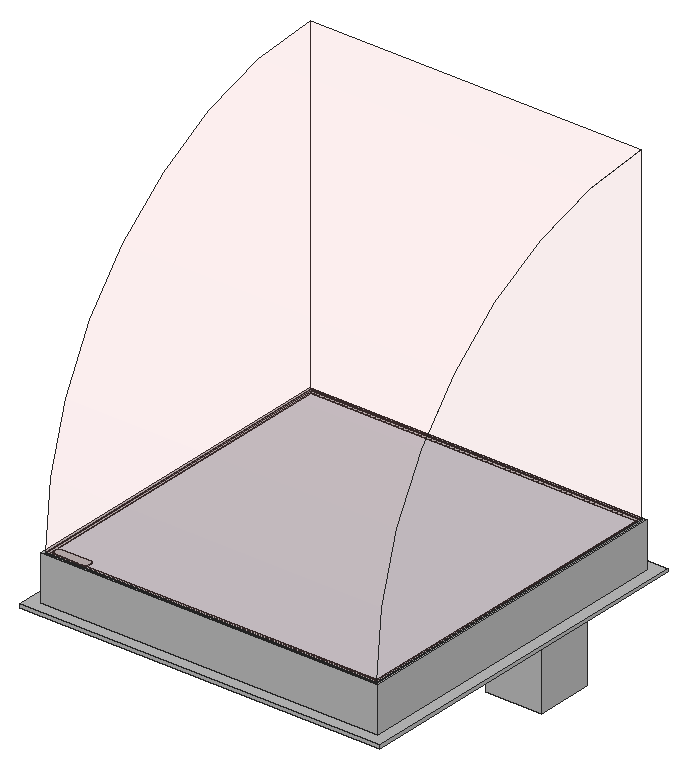
Revit family "Door_Access_Floor_Best_Access_Doors_BA-HFRT-1-Tile", category Specialty Equipment, host Face, Revit 2017
Family settings
  Host = Face
  Round Connector Dimension = Use Diameter
  Part Type = Normal
  Cut with Voids When Loaded = No
  Shared = No
  Room Calculation Point = No
Parameters
  halfswing = (Door Width / 2)  # 1' - 2 3/4"
  Warranty Duration (Years) = 0
  Unit Width = 2' - 0"
  Unit Weight = 0
  Unit Height = 2' - 0"
  Unit Depth = if(Unit Width < 4' 0", 0' 4 1/4", 0' 5")  # 0' - 4 1/4"
  URL = "https://www.bestaccessdoors.com/"
  Test Data = ""
  Swing Clearance Visible [instance] = yes
  Standards Conformance = "as Specified"
  Specification = ""
  SpecWizard = ""
  SingleSwing [instance] = and(Single Leaf, Swing Clearance Visible)  # yes
  Single Leaf = Unit Width < 4' 0"  # yes
  Sales Information = ""
  Revision = "R1_2017-03"
  Product data url = "https://bimobject.com/best-access-doors/product/hinged-floor-hatch-recessed-for-ceramic-tile"
  Product Properties = ""
  Product Data = ""
  Overall Width = 2' - 8"
  Overall Height = 2' - 8"
  Opening Width = Unit Width  # 2' - 0"
  Opening Height = Unit Height  # 2' - 0"
  Opening Depth [instance] = 1' - 0"
  Model = "As Specified"
  Manufacturer = "Best Access Doors"  # constant formula
  Maintenance Schedule (Months) = 0
  Keynote = ""
  Installation-Fabrication = ""
  Installation Phase = ""
  Green Building-LEED = ""
  Floor Material [instance] = none
  Fixture Finish [instance] = Metal - Best Access Doors - Aluminum
  Expected Lifespan (Years) = 0
  DoubleSwing [instance] = and(Double Leaf, Swing Clearance Visible)  # no
  Double Leaf = not(Single Leaf)  # no
  Door Width = Overall Width - (0' 1 1/4" * 2)  # 2' - 5 1/2"
  Door Height = Overall Height - (0' 1 1/4" * 2)  # 2' - 5 1/2"
  Description = "Best Access Doors Product as Specified"
  Default Elevation = 0' - 0"  # constant formula
  Construction Details = ""
  Clearance Material [instance] = Clearance
  Clear Opening Width = 1' - 8"
  Clear Opening Height = 2' - 0"
  Capacity = "as Specified"
  Available Options [instance] = "as Specified"
  Assembly Code = ""
Reference planes (in)
  plane 1 "Center (Front/Back)": y = 1.28343
  plane 2: z = 0
  plane 3 "Center (Left/Right)": x = 0
  plane 4: y = 13.28343
  plane 5: y = -10.71657
  plane 6: x = -12
  plane 7: x = 12
  plane 8: z = 0
  plane 9: y = 17.28343
  plane 10: y = -14.71657
  plane 11: x = -16
  plane 12: x = 16
  plane 13: z = -4.25
  plane 14: x = -12
  plane 15: x = 12
  plane 16: y = 13.28343
  plane 17: y = -10.71657
  plane 18: z = -12
  plane 19: y = -13.46657
  plane 20: y = 16.03343
  plane 21: x = -14.75
  plane 22: x = 14.75
Forms (in)
  Extrusion 1, void
    sketch origin (0, 0, 0) x (1, 0, 0) y (0, 1, 0)
      loop
        line (-12, 13.28343) -> (-12, -10.71657) -> (12, -10.71657) -> (12, 13.28343) -> (-12, 13.28343)
    from -12 to 0
  Sweep 2, solid, material "Metal - Best Access Doors - Aluminum" <- "Fixture Finish"
    path origin (0, 0, 0) x (1, 0, 0) y (0, 1, 0)
      loop
        line (-16, 17.28343) -> (-16, -14.71657) -> (16, -14.71657) -> (16, 17.28343) -> (-16, 17.28343)
    profile origin (0, 17.28343, 0) x (0, 1, 0) y (0, 0, 1)
      loop
        line (-4, -1) -> (-4, -4.25) -> (0, -4.25) -> (0, -4) -> (-1, -4) -> (-1, 0) -> (-1.25, 0) -> (-1.25, -4) -> (-3.75, -4) -> (-3.75, -1) -> (-4, -1)
  Extrusion 3, solid, material "Metal - Best Access Doors - Aluminum" <- "Fixture Finish", visible <- "Single Leaf"
    sketch origin (0, 0, 0) x (1, 0, 0) y (0, 1, 0)
      loop
        line (-14.75, 16.03343) -> (-14.75, -13.46657) -> (14.75, -13.46657) -> (14.75, 16.03343) -> (-14.75, 16.03343)
      loop
        line (14.5, 15.78343) -> (-14.5, 15.78343) -> (-14.5, -13.21657) -> (14.5, -13.21657) -> (14.5, 15.78343)
    from 0 to -0.25
  Extrusion 4, solid, material "Metal - Best Access Doors - Aluminum" <- "Fixture Finish", visible <- "Single Leaf"
    sketch origin (0, 0, 0) x (1, 0, 0) y (0, 1, 0)
      loop
        line (-14.5, 15.78343) -> (-14.5, -13.21657) -> (14.5, -13.21657) -> (14.5, 15.78343) -> (-14.5, 15.78343)
    from -1 to -0.25
  Extrusion 5, solid, material "Metal - Best Access Doors - Aluminum" <- "Fixture Finish", visible <- "Double Leaf"
    sketch origin (0, 0, 0) x (1, 0, 0) y (0, 1, 0)
      loop
        line (-14.75, 16.03343) -> (-14.75, -13.46657) -> (0, -13.46657) -> (0, 16.03343) -> (-14.75, 16.03343)
      loop
        line (-14.5, -13.21657) -> (-0.25, -13.21657) -> (-0.25, 15.78343) -> (-14.5, 15.78343) -> (-14.5, -13.21657)
    from 0 to -0.25
  Extrusion 6, solid, material "Metal - Best Access Doors - Aluminum" <- "Fixture Finish", visible <- "Double Leaf"
    sketch origin (0, 0, 0) x (-1, 0, 0) y (0, -1, 0)
      loop
        line (-14.75, -16.03343) -> (0, -16.03343) -> (0, 13.46657) -> (-14.75, 13.46657) -> (-14.75, -16.03343)
      loop
        line (-14.5, 13.21657) -> (-14.5, -15.78343) -> (-0.25, -15.78343) -> (-0.25, 13.21657) -> (-14.5, 13.21657)
    from 0 to -0.25
  Extrusion 7, solid, material "Metal - Best Access Doors - Aluminum" <- "Fixture Finish", visible <- "Double Leaf"
    sketch origin (0, 0, 0) x (1, 0, 0) y (0, 1, 0)
      loop
        line (-14.5, 15.78343) -> (-14.5, -13.21657) -> (0, -13.21657) -> (0, 15.78343) -> (-14.5, 15.78343)
    from -1 to -0.25
  Extrusion 8, solid, material "Metal - Best Access Doors - Aluminum" <- "Fixture Finish", visible <- "Double Leaf"
    sketch origin (0, 0, 0) x (-1, 0, 0) y (0, -1, 0)
      loop
        line (-14.5, -15.78343) -> (0, -15.78343) -> (0, 13.21657) -> (-14.5, 13.21657) -> (-14.5, -15.78343)
    from -1 to -0.25
  Extrusion 9, solid, material "Clearance" <- "Clearance Material", visible <- "DoubleSwing"
    sketch origin (0, 1.28343, 0) x (1, 0, 0) y (0, 0, 1)
      loop
        line (-14.75, 0) -> (0, 0)
        arc (0, 0) -> (-4.32017, 10.42983) -> (-14.75, 14.75) r 14.75
        line (-14.75, 14.75) -> (-14.75, 0)
    from -14.75 to 14.75
  Extrusion 10, solid, material "Clearance" <- "Clearance Material", visible <- "DoubleSwing"
    sketch origin (0, 1.28343, 0) x (-1, 0, 0) y (0, 0, -1)
      loop
        arc (-14.75, -14.75) -> (-4.32017, -10.42983) -> (0, 0) r 14.75
        line (0, 0) -> (-14.75, 0) -> (-14.75, -14.75)
    from -14.75 to 14.75
  Sweep 11, void
    path origin (0, 0, 0) x (1, 0, 0) y (0, 1, 0)
      loop
        line (-16, 17.28343) -> (-16, -14.71657) -> (16, -14.71657) -> (16, 17.28343) -> (-16, 17.28343)
    profile origin (0, 17.28343, 0) x (0, 1, 0) y (0, 0, 1)
      loop
        line (0, -4.25) -> (0, -4) -> (-1, -4) -> (-1, 0) -> (-4, 0) -> (-4, -4.25) -> (0, -4.25)
  Extrusion 12, solid, material "Metal - Best Access Doors - Aluminum" <- "Fixture Finish", visible <- "Single Leaf"
    sketch origin (0, 0, 0) x (1, 0, 0) y (0, 1, 0)
      loop
        arc (-14.11848, -12.45158) -> (-14.29526, -12.5248) -> (-14.36848, -12.70158) r 0.25
        line (-14.36848, -12.70158) -> (-14.36848, -12.96657)
        arc (-14.36848, -12.96657) -> (-14.29526, -13.14335) -> (-14.11848, -13.21657) r 0.25
        line (-14.11848, -13.21657) -> (-11.55598, -13.21657)
        arc (-11.55598, -13.21657) -> (-11.37921, -13.14335) -> (-11.30598, -12.96657) r 0.25
        line (-11.30598, -12.96657) -> (-11.30598, -12.70158)
        arc (-11.30598, -12.70158) -> (-11.37921, -12.5248) -> (-11.55598, -12.45158) r 0.25
        line (-11.55598, -12.45158) -> (-14.11848, -12.45158)
    from 0 to -0.25
  Extrusion 13, solid, material "Metal - Best Access Doors - Aluminum" <- "Fixture Finish", visible <- "Single Leaf"
    sketch origin (0, 0, 0) x (1, 0, 0) y (0, 1, 0)
      loop
        line (-12, 13.28343) -> (-12, 8.28343) -> (-7, 8.28343) -> (-7, 13.28343) -> (-12, 13.28343)
      loop
        line (12, 13.28343) -> (7, 13.28343) -> (7, 8.28343) -> (12, 8.28343) -> (12, 13.28343)
    from -4.25 to -13
  Extrusion 14, solid, material "Metal - Best Access Doors - Aluminum" <- "Fixture Finish", visible <- "Double Leaf"
    sketch origin (16.86525, 0.55839, 0) x (1, 0, 0) y (0, 1, 0)
      loop
        arc (-14.11848, -12.45158) -> (-14.29526, -12.5248) -> (-14.36848, -12.70158) r 0.25
        line (-14.36848, -12.70158) -> (-14.36848, -12.96657)
        arc (-14.36848, -12.96657) -> (-14.29526, -13.14335) -> (-14.11848, -13.21657) r 0.25
        line (-14.11848, -13.21657) -> (-11.55598, -13.21657)
        arc (-11.55598, -13.21657) -> (-11.37921, -13.14335) -> (-11.30598, -12.96657) r 0.25
        line (-11.30598, -12.96657) -> (-11.30598, -12.70158)
        arc (-11.30598, -12.70158) -> (-11.37921, -12.5248) -> (-11.55598, -12.45158) r 0.25
        line (-11.55598, -12.45158) -> (-14.11848, -12.45158)
    from 0 to -0.25
  Extrusion 15, solid, material <- "Floor Material", visible <- "Double Leaf"
    sketch origin (0, 0, 0) x (1, 0, 0) y (0, 1, 0)
      loop
        line (-14.5, 15.78343) -> (-14.5, -13.21657) -> (-0.25, -13.21657) -> (-0.25, 15.78343) -> (-14.5, 15.78343)
      loop
        line (0.25, -13.21657) -> (14.5, -13.21657) -> (14.5, 15.78343) -> (0.25, 15.78343) -> (0.25, -13.21657)
    from 0 to -0.25
  Extrusion 16, solid, material <- "Floor Material", visible <- "Single Leaf"
    sketch origin (0, 0, 0) x (1, 0, 0) y (0, 1, 0)
      loop
        line (-14.5, 15.78343) -> (-14.5, -13.21657) -> (14.5, -13.21657) -> (14.5, 15.78343) -> (-14.5, 15.78343)
    from 0 to -0.25
  Extrusion 17, solid, material "Clearance" <- "Clearance Material", visible <- "SingleSwing"
    sketch origin (0, 0, 0) x (0, 1, 0) y (0, 0, 1)
      loop
        arc (16.03343, 29.5) -> (-4.82622, 20.85965) -> (-13.46657, 0) r 29.5
        line (-13.46657, 0) -> (16.03343, 0) -> (16.03343, 29.5)
    from -14.75 to 14.75
  Extrusion 18, solid, material "Metal - Best Access Doors - Aluminum" <- "Fixture Finish", visible <- "Double Leaf"
    sketch origin (0, 0, 0) x (1, 0, 0) y (0, 1, 0)
      loop
        line (-12, 13.28343) -> (-12, 8.28343) -> (-7, 8.28343) -> (-7, 13.28343) -> (-12, 13.28343)
      loop
        line (-7, -5.71657) -> (-12, -5.71657) -> (-12, -10.71657) -> (-7, -10.71657) -> (-7, -5.71657)
      loop
        line (12, 13.28343) -> (7, 13.28343) -> (7, 8.28343) -> (12, 8.28343) -> (12, 13.28343)
      loop
        line (7, -5.71657) -> (7, -10.71657) -> (12, -10.71657) -> (12, -5.71657) -> (7, -5.71657)
    from -4.25 to -13
Lines and regions (in)
  model lines, visible <- "Single Leaf"
    curve 1: line (-14.75, -13.46657, 0) -> (0, 16.03343, 0)
    curve 2: line (0, 16.03343, 0) -> (14.75, -13.46657, 0)
  model lines, visible <- "DoubleSwing"
    curve 3: line (0, 16.03343, 0) -> (-14.75, 1.28343, 0)
    curve 4: line (-14.75, 1.28343, 0) -> (0, -13.46657, 0)
    curve 5: line (0, -13.46657, 0) -> (14.75, 1.28343, 0)
    curve 6: line (14.75, 1.28343, 0) -> (0, 16.03343, 0)
Dimensions and locks (in)
  locked: plane 8 to level
  equal spacing: plane 4, plane 1 "Center (Front/Back)", plane 5
  "Unit Height": plane 4 to plane 5
  equal spacing: plane 6, plane 3 "Center (Left/Right)", plane 7
  "Unit Width": plane 6 to plane 7
  equal spacing: plane 11, plane 3 "Center (Left/Right)", plane 12
  equal spacing: plane 9, plane 1 "Center (Front/Back)", plane 10
  "Overall Width": plane 11 to plane 12
  "Overall Height": plane 9 to plane 10
  "Unit Depth": plane 8 to plane 13
  equal spacing: plane 16, plane 1 "Center (Front/Back)", plane 17
  equal spacing: plane 14, plane 3 "Center (Left/Right)", plane 15
  "Opening Width": plane 14 to plane 15
  "Opening Height": plane 16 to plane 17
  "Opening Depth": level to plane 18
  locked: level to Sweep 11 sketch curve at 0
  Sweep 2 sketch curve to Sweep 2 sketch curve to plane 13 = 0' - 0" locked, 0' - 0 1/4" locked
  level to Sweep 2 sketch curve to Sweep 2 sketch curve = 0' - 0" locked, 0' - 1" locked
  locked: Sweep 11 sketch curve to plane 13 at 0.25
  locked: Extrusion 5 sketch curve to plane 10 at 1.25
  locked: plane 9 to Extrusion 5 sketch curve at 1.25
  locked: plane 11 to Extrusion 5 sketch curve at 1.25
  locked: Extrusion 3 sketch curve to plane 10 at 1.25
  locked: plane 9 to Extrusion 3 sketch curve at 1.25
  locked: plane 11 to Extrusion 3 sketch curve at 1.25
  locked: Extrusion 3 sketch curve to plane 12 at 1.25
  locked: plane 9 to Extrusion 6 sketch curve at 1.25
  locked: Extrusion 6 sketch curve to plane 12 at 1.25
  locked: Extrusion 6 sketch curve to plane 10 at 1.25
  locked: plane 14 to Extrusion 13 sketch curve at 5
  locked: plane 16 to Extrusion 13 sketch curve at 5  (x2)
  locked: Extrusion 13 sketch curve to plane 15 at 5
  plane 11 to Extrusion 12 sketch curve to Extrusion 12 sketch curve = 0' - 1.63152" locked, 0' - 3 1/16" locked
  Extrusion 12 sketch curve to Extrusion 12 sketch curve to plane 10 = 0' - 0.76499" locked, 0' - 1 1/2" locked
  locked: Extrusion 8 sketch curve to plane 10 at 1.5
  locked: plane 9 to Extrusion 8 sketch curve at 1.5
  locked: Extrusion 8 sketch curve to plane 12 at 1.5
  locked: plane 9 to Extrusion 4 sketch curve at 1.5
  locked: Extrusion 4 sketch curve to plane 10 at 1.5
  locked: plane 11 to Extrusion 4 sketch curve at 1.5
  locked: Extrusion 4 sketch curve to plane 12 at 1.5
  locked: plane 9 to Extrusion 7 sketch curve at 1.5
  locked: Extrusion 7 sketch curve to plane 10 at 1.5
  locked: plane 11 to Extrusion 7 sketch curve at 1.5
  locked: Extrusion 14 sketch curve to Extrusion 14 sketch curve at 3.0625
  locked: Extrusion 14 sketch curve to Extrusion 14 sketch curve at 0.76499
  locked: plane 3 "Center (Left/Right)" to Extrusion 14 sketch curve at 2.49677
  locked: Extrusion 14 sketch curve to plane 10 at 2.05839
  locked: plane 9 to Extrusion 15 sketch curve at 1.5  (x2)
  locked: plane 3 "Center (Left/Right)" to Extrusion 15 sketch curve at 0.25
  locked: Extrusion 15 sketch curve to plane 3 "Center (Left/Right)" at 0.25
  locked: Extrusion 15 sketch curve to plane 10 at 1.5  (x2)
  locked: plane 11 to Extrusion 15 sketch curve at 1.5
  locked: Extrusion 15 sketch curve to plane 12 at 1.5
  locked: plane 11 to Extrusion 16 sketch curve at 1.5
  locked: Extrusion 16 sketch curve to plane 12 at 1.5
  locked: plane 9 to Extrusion 16 sketch curve at 1.5
  locked: Extrusion 16 sketch curve to plane 10 at 1.5
  locked: Extrusion 9 sketch curve to plane 11 at 1.25
  locked: level to Extrusion 9 sketch curve at 0
  locked: plane 12 to Extrusion 10 sketch curve at 1.25
  locked: level to Extrusion 10 sketch curve at 0
  locked: plane 19 to plane 10 at 1.25
  locked: plane 9 to plane 20 at 1.25
  locked: plane 11 to plane 21 at 1.25
  locked: plane 22 to plane 12 at 1.25
  locked: Extrusion 17 sketch curve to plane 9 at 1.25
  locked: level to Extrusion 17 sketch curve at 0
  locked: Extrusion 18 sketch curve to plane 17 at 5  (x2)
  locked: plane 14 to Extrusion 18 sketch curve at 5  (x2)
  locked: plane 16 to Extrusion 18 sketch curve at 5  (x2)
  locked: Extrusion 18 sketch curve to plane 15 at 5  (x2)
  "halfswing": radius of Extrusion 9 sketch curve
  "halfswing": radius of Extrusion 10 sketch curve
  "Door Height": radius of Extrusion 17 sketch curve
  aligned and locked: host face to plane 2
  aligned and locked: host face to level
  aligned and locked: Extrusion 1 sketch curve to plane 16
  aligned and locked: plane 14 to Extrusion 1 sketch curve
  aligned and locked: plane 17 to Extrusion 1 sketch curve
  aligned and locked: Extrusion 1 sketch curve to plane 15
  aligned and locked: Extrusion 1 to plane 18
  aligned and locked: plane 8 to Extrusion 1
  aligned and locked: Sweep 2 sketch curve to plane 9
  aligned and locked: plane 11 to Sweep 2 sketch curve
  aligned and locked: plane 10 to Sweep 2 sketch curve
  aligned and locked: Sweep 2 sketch curve to plane 12
  aligned and locked: Extrusion 6 sketch curve to plane 3 "Center (Left/Right)"
  aligned and locked: Extrusion 5 sketch curve to plane 3 "Center (Left/Right)"
  aligned and locked: Extrusion 7 sketch curve to plane 3 "Center (Left/Right)"
  aligned and locked: Extrusion 8 sketch curve to plane 3 "Center (Left/Right)"
  aligned and locked: plane 10 to Sweep 11 sketch curve
  aligned and locked: Sweep 11 sketch curve to plane 12
  aligned and locked: Extrusion 13 sketch curve to plane 14
  aligned and locked: Extrusion 13 sketch curve to plane 16
  aligned and locked: Extrusion 13 sketch curve to plane 15
  aligned and locked: plane 16 to Extrusion 13 sketch curve
  aligned and locked: Extrusion 10 to plane 20
  aligned and locked: plane 19 to Extrusion 10
  aligned and locked: plane 19 to Extrusion 9
  aligned and locked: Extrusion 9 to plane 20
  aligned and locked: plane 1 "Center (Front/Back)" to curve 6
  aligned and locked: plane 22 to curve 5
  aligned and locked: plane 21 to curve 4
  aligned and locked: plane 1 "Center (Front/Back)" to curve 4
  aligned and locked: plane 3 "Center (Left/Right)" to curve 4
  aligned and locked: plane 19 to curve 5
  aligned and locked: plane 20 to curve 6
  aligned and locked: plane 3 "Center (Left/Right)" to curve 3
  aligned and locked: plane 3 "Center (Left/Right)" to curve 1
  aligned and locked: plane 20 to curve 2
  aligned and locked: Extrusion 17 to plane 22
  aligned and locked: plane 21 to Extrusion 17
  aligned and locked: Extrusion 18 sketch curve to plane 17
  aligned and locked: Extrusion 18 sketch curve to plane 15  (x2)
  aligned and locked: Extrusion 18 sketch curve to plane 14  (x2)
  aligned and locked: plane 17 to Extrusion 18 sketch curve
  aligned and locked: Extrusion 18 sketch curve to plane 16
  aligned and locked: plane 16 to Extrusion 18 sketch curve
  aligned and locked: plane 13 to Extrusion 18
  aligned and locked: plane 13 to Extrusion 13
Automatic sketch dimensions
  host sketch curve to host sketch curve = 12' - 11.75605"
  host sketch curve to host sketch curve = 12' - 7.74281"
  Sweep 2 sketch curve to profile plane = 0' - 0"
  profile plane to Sweep 2 sketch curve = 0' - 1"
  Sweep 2 sketch curve to Sweep 2 sketch curve = 0' - 0 1/4"  (x3)
  Sweep 2 sketch curve to Sweep 2 sketch curve = 0' - 2 1/2"
  Extrusion 3 sketch curve to plane 21 = 0' - 0 1/4"
  plane 22 to Extrusion 3 sketch curve = 0' - 0 1/4"
  Extrusion 3 sketch curve to plane 19 = 0' - 0 1/4"
  plane 20 to Extrusion 3 sketch curve = 0' - 0 1/4"
  Extrusion 5 sketch curve to plane 21 = 0' - 0 1/4"
  Extrusion 5 sketch curve to plane 3 "Center (Left/Right)" = 0' - 0 1/4"
  Extrusion 5 sketch curve to plane 19 = 0' - 0 1/4"
  plane 20 to Extrusion 5 sketch curve = 0' - 0 1/4"
  Extrusion 6 sketch curve to plane 22 = 0' - 0 1/4"
  Extrusion 6 sketch curve to plane 3 "Center (Left/Right)" = 0' - 0 1/4"
  plane 19 to Extrusion 6 sketch curve = 0' - 0 1/4"
  Extrusion 6 sketch curve to plane 20 = 0' - 0 1/4"
  curve 1 to Extrusion 3 = 0' - 0"  (x2)
  Extrusion 3 to curve 2 = 0' - 0"
  curve 2 to Extrusion 3 = 0' - 0"
  plane 21 to Extrusion 9 sketch curve = 0' - 0"
  plane 22 to Extrusion 10 sketch curve = 0' - 0"
  Sweep 11 sketch curve to plane 11 = 0' - 0"
  Sweep 11 sketch curve to plane 9 = 0' - 0"
  Sweep 11 sketch curve to profile plane = 0' - 0"
  profile plane to Sweep 11 sketch curve = 0' - 1"
  Sweep 11 sketch curve to Sweep 11 sketch curve = 0' - 3"
  Sweep 11 sketch curve to Sweep 11 sketch curve = 0' - 0 1/4"
  Extrusion 12 sketch curve to Extrusion 12 sketch curve = 0' - 0 1/4"  (x4)
  Extrusion 14 sketch curve to Extrusion 14 sketch curve = 0' - 0 1/4"  (x4)
  Extrusion 17 sketch curve to plane 20 = 0' - 0"
